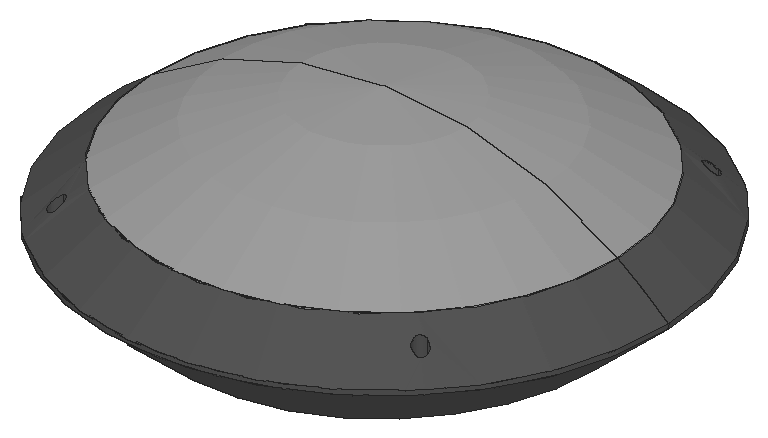
Revit family "0049001+0049032", category Lighting Fixtures, host Face, Revit 2017
Family settings
  Host = Face
  Round Connector Dimension = Use Diameter
  Part Type = Normal
  OmniClass Number = 23.80.70.00
  OmniClass Title = Lighting
  Cut with Voids When Loaded = No
  Light Source = Yes
  Shared = No
  Room Calculation Point = No
Parameters (values of type "0049001 Srt Surface IP66 1500lm 840 WH - 14.5 W")
  WidthCover_SYL = if([300mm_SYL], 27.5 mm, 31.3 mm)  # 31.3 mm
  WidthBottomSlope_SYL = if([300mm_SYL], 39.2 mm, 45.4 mm)  # 45.4 mm
  Weight = "10.0 kg"
  Wattage Comments = ""
  Wattage = 14.5 W
  WarrantyStartDate [instance] = "n/a"
  WarrantyGuarantorParts = "n/a"
  WarrantyDurationUnit = "n/a"
  WarrantyDurationParts = "n/a"
  WarrantyDescription = "n/a"
  built-in parameter 1150110 = 1 (stored number, unit not read)
  Voltage = 230 V
  URL = "http://www.sylvania-lighting.com"
  TypeName = "Start Surface IP66 1500lm 840 IK10 WHT - 14.5 W"
  Type Image = <None>
  Type Comments = "n/a"
  built-in parameter 1114217 = 1 (stored number, unit not read)
  Tilt Angle = -90.00°
  built-in parameter 1150109 = 1 (stored number, unit not read)
  built-in parameter 1150134 = 12
  built-in parameter 1150113 = 1 (stored number, unit not read)
  SerialNumber [instance] = "n/a"
  RadiusTopOffset_SYL = RadiusFront_SYL - 2 mm  # 252 mm
  RadiusEyelid_SYL = 252.4 mm
  PowerFactor = 0
  PowerConsumption = "14.5 W"
  Photometric Web File = "0049001_15W.ies"
  NominalLength = 350 mm
  NominalHeight = 110 mm
  NominalDepth = 350 mm
  Name = "Start Surface IP66 1500lm 840 IK10 WHT - 14.5 W"
  ModelReference = Name  # "Start Surface IP66 1500lm 840 IK10 WHT - 14.5 W"
  ModelNumber = "0049001"
  Model = Name  # "Start Surface IP66 1500lm 840 IK10 WHT - 14.5 W"
  Material = "polycarbonate body, polycaarbonate housing"
  ManufacturerName = "Feilo Sylvania"
  Manufacturer = "Feilo Sylvania"
  LuminousEfficacy = "103.4 lm/W"
  built-in parameter 1150105 = 497.19 (stored number, unit not read)
  Lumens = 1500 lm
  LuminaireType = ""
  built-in parameter 1150115 = 1 (stored number, unit not read)
  LightOutputRatio = "n/a"
  built-in parameter 1150137 = (empty or 0)
  built-in parameter 1150139 = (empty or 0)
  LampsType = Lamp  # "LED"
  LampNominalLuminous = "1500 lm"
  LampMacAdamStep = "n/a"
  LampColourTemperature = "4000 K"
  LampColourRenderingIndex = "80"
  built-in parameter 1150112 = 1 (stored number, unit not read)
  built-in parameter 1150114 = 1 (stored number, unit not read)
  Lamp = "LED"
  Keynote = "16500"
  InstallationDate [instance] = "n/a"
  InputVoltage = "220-240 V AC"
  InputNominalFrequency = "50/60 Hz"
  built-in parameter 1150132 = (empty or 0)
  built-in parameter 1150102 = (empty or 0)
  built-in parameter 1150107 = 4000 (stored number, unit not read)
  built-in parameter 1150138 = (empty or 0)
  IngressProtection = "IP66"
  ImpactProtectionIndex = "IK10"
  built-in parameter 1150106 = 4.9719 (stored number, unit not read)
  IfcExportType = "IfcLightFixtureType"
  IfcExportAs = "IfcLightFixtureType"
  HoleRad_SYL = if([300mm_SYL], 134 mm, 158.3 mm)  # 158.3 mm
  HoleHoleRad_SYL = 4.7 mm
  HoleAngle_SYL = 45.00°
  Height_SYL = if([300mm_SYL], 95 mm, 113 mm)  # 113 mm
  HeightFrontSlope_SYL = if([300mm_SYL], 22 mm, 26 mm)  # 26 mm
  HeightBottomSlope_SYL = if([300mm_SYL], 30 mm, 38 mm)  # 38 mm
  RadiusFront_SYL = if([300mm_SYL], 216.5 mm, 254 mm)  # 254 mm
  Eyelid_SYL = no
  ExpectedLife = 50000
  Emit from Circle Diameter = Diameter_SYL - 2 * WidthCover_SYL  # 287.4 mm
  Emit Shape Visible in Rendering = no
  ElectricShockClassification = "Class II"
  built-in parameter 1150104 = 9.6107 (stored number, unit not read)
  DurationUnit = "hours"
  DocumentationLiterature = "http://www.sylvania-lighting.com/product/en-int/products/0049001"
  DimmingControlOptions = "Non dimmable"
  Material_2_SYL = LED-Sylvania-StartSurfaceIP66
  Dimming Lamp Color Temperature Shift = <None>
  Diameter_SYL = if([300mm_SYL], 300 mm, 350 mm)  # 350 mm
  Description = "LED exterior surface mounted luminaire, 350mm diameter, 1500lm as max. lumen output, can be adjusted down to 730lm by internal switch, 15W power consumption, 100lm/W efficacy, 4000K color temperature, CRI80, non-dimmable, IP66, IK10, 50,000 hours (L70), whitehousing, vandal resistant"
  Default Elevation = 1219.2 mm
  CreatedOn = "7/9/2019"
  CreatedBy = "@sylvania-lighting.com"
  Cost = 0
  Color Filter = 16777215
  built-in parameter 1114216 [instance] = (empty or 0)
  ClassificationValue = "EF_70_80"
  ClassificationName = "Uniclass2015"
  Material_1_SYL = Body-Sylvania-StartSurfaceIP66-Black
  BarCode [instance] = "n/a"
  built-in parameter 1114218 = 1 (stored number, unit not read)
  built-in parameter 1150133 = 10 (stored number, unit not read)
  AssetType = "Fixed"
  AssetIdentifier [instance] = "n/a"
  Assembly Code = "D5020200"
  Apparent Load = 14.5 VA
  Material_3_SYL = none
  300mm_SYL = no
Types (3, lengths in mm): name | Wattage | TypeName | PowerConsumption | Photometric Web File | Name | ModelReference | Model | LuminousEfficacy | built-in parameter 1150105 | Lumens | LampNominalLuminous | built-in parameter 1150106 | Eyelid_SYL | built-in parameter 1150104 | Apparent Load
  0049001 Srt Surface IP66 1500lm 840 WH - 14.5 W | 14.5 W | "Start Surface IP66 1500lm 840 IK10 WHT - 14.5 W" | "14.5 W" | "0049001_15W.ies" | "Start Surface IP66 1500lm 840 IK10 WHT - 14.5 W" | "Start Surface IP66 1500lm 840 IK10 WHT - 14.5 W" | "Start Surface IP66 1500lm 840 IK10 WHT - 14.5 W" | "103.4 lm/W" | 497.19 (stored number, unit not read) | 1500 lm | "1500 lm" | 4.9719 (stored number, unit not read) | no | 9.6107 (stored number, unit not read) | 14.5 VA
  0049001 Srt Surface IP66 1500lm 840 WH - 6.5 W | 6.5 W | "Start Surface IP66 1500lm 840 IK10 WHT - 6.5 W" | "6.5 W" | "0049001_7W.ies" | "Start Surface IP66 1500lm 840 IK10 WHT - 6.5 W" | "Start Surface IP66 1500lm 840 IK10 WHT - 6.5 W" | "Start Surface IP66 1500lm 840 IK10 WHT - 6.5 W" | "112.3 lm/W" | 233.21 (stored number, unit not read) | 730 lm | "730 lm" | 2.3321 (stored number, unit not read) | no | 10.434 (stored number, unit not read) | 6.5 VA
  0049001+0049032 Srt Surface IP66 1500lm 840 WH - 14.5 W + Eyelid | 14.5 W | "Start Surface IP66 1500lm 840 IK10 WHT - 14.5 W" | "14.5 W" | "0049001+0049032.ies" | "Start Surface IP66 1500lm 840 IK10 WHT - 14.5 W" | "Start Surface IP66 1500lm 840 IK10 WHT - 14.5 W" | "Start Surface IP66 1500lm 840 IK10 WHT - 14.5 W" | "103.4 lm/W" | 497.19 (stored number, unit not read) | 1500 lm | "1500 lm" | 4.9719 (stored number, unit not read) | yes | 9.6107 (stored number, unit not read) | 14.5 VA
Reference planes
  plane 1 "Center (Front/Back)": y = 0
  plane 2: z = 0
  plane 3 "Center (Left/Right)": x = 0
  plane 4: x = 175
  plane 5: x = -175
  plane 6: z = 38
  plane 7: x = -129.6
  plane 8: x = 129.6
  plane 9: x = -143.7
  plane 10: z = 41
  plane 11: y = -13
  plane 12: z = 67
  plane 13: z = 113
  plane 14: z = 42.5
  plane 15: x = 3.3
  plane 16: x = -3.3
  plane 17: y = 3.25
  plane 18: y = -3.35
  plane 19: y = 44.25
  plane 20: y = -44.35
  plane 21: y = 50.75
  plane 22: y = -50.85
  plane 23: y = -91.85
  plane 24: y = 91.75
  plane 25: y = 97.75
  plane 26: y = -97.85
Forms (mm)
  Revolve 1, solid, material "Body-Sylvania-StartSurfaceIP66-Black" <- "Material_1_SYL"
    sketch origin (0, 0, 0) x (1, 0, 0) y (0, 0, 1)
      loop
        line (0, 0) -> (0, 41) -> (-143.7, 41) -> (-143.7, 66.348)
        arc (-143.7, 66.348) -> (-159.853, 54.295) -> (-175, 41) r 254
        line (-175, 41) -> (-175, 38) -> (-129.6, 0) -> (0, 0)
      axis (0, 66.348) -> (0, 0)
    angle from 360 to 0
  Extrusion 2, void
    sketch origin (-1524.635, -4572, 41) x (0, -1, 0) y (-1, 0, 0)
      loop
        line (-4367.393, -1349.635) -> (-4559, -1349.635)
        arc (-4559, -1349.635) -> (-4576.647, -1524.635) -> (-4559, -1699.635) r 876.532
        line (-4559, -1699.635) -> (-4367.393, -1699.635) -> (-4367.393, -1349.635)
    from -85.687 to 41
  Extrusion 3, void
    sketch origin (-1534.635, -4572, 67) x (0, -1, 0) y (-1, 0, 0)
      loop
        circle (-4683.935, -1422.7) r 4.7
      loop
        circle (-4683.935, -1646.57) r 4.7
      loop
        circle (-4460.065, -1646.57) r 4.7
      loop
        circle (-4460.065, -1422.7) r 4.7
    from 0.652 to 29
  Revolve 4, solid, material "LED-Sylvania-StartSurfaceIP66" <- "Material_2_SYL"
    sketch origin (0, 0, 0) x (1, 0, 0) y (0, 0, 1)
      loop
        line (-143.7, 66.348) -> (-143.7, 63.918)
        arc (-143.7, 63.918) -> (-75.289, 97.395) -> (0, 108.905) r 252
        line (0, 108.905) -> (0, 110.905)
        arc (0, 110.905) -> (-75.225, 99.51) -> (-143.7, 66.348) r 254
      axis (0, 110.905) -> (0, 63.918)
    angle from 360 to 0
  Revolve 5, solid, material "Body-Sylvania-StartSurfaceIP66-Black" <- "Material_1_SYL", visible <- "Eyelid_SYL"
    sketch origin (0, 0, 0) x (1, 0, 0) y (0, 0, 1)
      loop
        line (-175, 42.5) -> (-175, 41)
        arc (-175, 41) -> (-94.223, 92.782) -> (0, 110.905) r 254
        line (0, 110.905) -> (0, 113.019)
        arc (0, 113.019) -> (-94.337, 94.726) -> (-175, 42.5) r 252.4
      axis (0, 113.019) -> (0, 41)
    angle from 360 to 0
Cuts and joins
  Extrusion 3 cuts Revolve 1
  Extrusion 2, Extrusion 3 cuts Revolve 5
Lines and regions (mm)
  reference lines
    curve 1: circle (0, 0, 0) r 158.3 normal (0, 0, 1)
    curve 2: line (0, 0, 0) -> (-111.935, 111.935, 0)
    curve 3: line (0, 0, 0) -> (111.935, 111.935, 0)
    curve 4: line (0, 0, 0) -> (-111.935, -111.935, 0)
    curve 5: line (0, 0, 0) -> (111.935, -111.935, 0)
    curve 6: arc (-175, 0, 41) -> (-61.42, 0, 103.367) -> (68.144, 0, 101.593) r 254
    curve 7: circle (0, 0, 41) r 158.3 normal (0, 0, 1)
    curve 8: line (111.935, -108.883, 41) -> (111.935, -111.935, 41)
    curve 9: circle (111.935, -111.935, 41) r 4.7 normal (0, 0, 1)
    curve 10: line (111.935, 111.935, 41) -> (111.935, 116.935, 41)
    curve 11: line (-111.935, 111.935, 41) -> (-111.935, 116.935, 41)
    curve 12: line (-111.935, -111.935, 41) -> (-111.935, -116.935, 41)
    curve 13: circle (-111.935, 111.935, 41) r 4.7 normal (0, 0, 1)
    curve 14: circle (111.935, 111.935, 41) r 4.7 normal (0, 0, 1)
    curve 15: circle (-111.935, -111.935, 41) r 4.7 normal (0, 0, 1)
    curve 16: arc (129.6, 0, 73.025) -> (-8.393, 0, 108.765) -> (-143.7, 0, 63.918) r 252
    curve 17: arc (-175, 0, 42.5) -> (0, 0, 113.019) -> (175, 0, 42.5) r 252.4
    curve 18: circle (0, 0, 67) r 145.5 normal (0, 0, 1)
Dimensions and locks
  equal spacing: plane 4, plane 3 "Center (Left/Right)", plane 5
  "Diameter_SYL": plane 4 to plane 5
  equal spacing: plane 8, plane 3 "Center (Left/Right)", plane 7
  "WidthBottomSlope_SYL": plane 7 to plane 5
  locked: plane 10 to plane 6 at 3
  locked: plane 11 to plane 1 "Center (Front/Back)" at 13
  "WidthCover_SYL": plane 9 to plane 5
  locked: plane 1 "Center (Front/Back)" to host face at 300
  "HeightBottomSlope_SYL": plane 6 to plane 2
  "HeightFrontSlope_SYL": plane 12 to plane 10
  "Height_SYL": plane 13 to plane 2
  locked: plane 14 to plane 10 at 1.5
  plane 26 to plane 23 to plane 22 to plane 20 to plane 18 to plane 17 to plane 19 to plane 21 to plane 24 to plane 25 = 6 mm locked, 41 mm locked, 6.5 mm locked, 41 mm locked, 6.6 mm locked, 41 mm locked, 6.5 mm locked, 41 mm locked, 6 mm locked
  locked: plane 1 "Center (Front/Back)" to plane 17 at 3.25
  "HoleRad_SYL": radius of curve 1
  "RadiusFront_SYL": radius of curve 6
  "HoleRad_SYL": radius of curve 7
  "HoleHoleRad_SYL": radius of curve 9
  "HoleHoleRad_SYL": radius of curve 13
  "HoleHoleRad_SYL": radius of curve 14
  "HoleHoleRad_SYL": radius of curve 15
  "RadiusTopOffset_SYL": radius of curve 16
  "RadiusEyelid_SYL": radius of curve 17
  radius of curve 18 = 145.5 mm
  "HoleAngle_SYL": angle curve 2 to plane 1 "Center (Front/Back)"
  "HoleAngle_SYL": angle plane 1 "Center (Front/Back)" to curve 3
  "HoleAngle_SYL": angle plane 1 "Center (Front/Back)" to curve 4
  "HoleAngle_SYL": angle curve 5 to plane 1 "Center (Front/Back)"
  aligned and locked: plane 2 to host face
  aligned and locked: level to host face
  aligned and locked: Revolve 1 sketch curve to plane 3 "Center (Left/Right)"  (x2)
  aligned and locked: level to Revolve 1 sketch curve
  aligned and locked: plane 5 to Revolve 1 sketch curve
  aligned and locked: Revolve 1 sketch curve to plane 10
  aligned and locked: plane 4 to Extrusion 2
  aligned and locked: Extrusion 2 to plane 5
  aligned and locked: plane 3 "Center (Left/Right)" to curve 6
  aligned and locked: Extrusion 2 to level
  aligned and locked: plane 10 to curve 6
  aligned and locked: Revolve 1 sketch curve to curve 6
  aligned and locked: plane 3 "Center (Left/Right)" to curve 7
  aligned and locked: plane 1 "Center (Front/Back)" to curve 7
  aligned and locked: plane 3 "Center (Left/Right)" to curve 5
  aligned and locked: curve 8 to curve 5
  aligned and locked: curve 5 to curve 9
  aligned and locked: curve 8 to curve 9
  aligned and locked: curve 3 to curve 10
  aligned and locked: curve 2 to curve 11
  aligned and locked: curve 4 to curve 12
  aligned and locked: curve 2 to curve 13
  aligned and locked: curve 13 to curve 11
  aligned and locked: curve 4 to curve 15
  aligned and locked: curve 15 to curve 12
  aligned and locked: curve 3 to curve 14
  aligned and locked: curve 14 to curve 10
  aligned and locked: Extrusion 3 sketch curve to curve 13
  aligned and locked: Extrusion 3 sketch curve to curve 14
  aligned and locked: Extrusion 3 sketch curve to curve 9
  aligned and locked: Extrusion 3 sketch curve to curve 15
  aligned and locked: Revolve 1 to Extrusion 3
  aligned and locked: Extrusion 3 to plane 6
  aligned and locked: Revolve 4 sketch curve to plane 3 "Center (Left/Right)"  (x2)
  aligned and locked: plane 9 to curve 16
  aligned and locked: plane 8 to curve 16
  aligned and locked: plane 3 "Center (Left/Right)" to curve 16
  aligned and locked: Revolve 4 sketch curve to curve 6
  aligned and locked: Revolve 4 sketch curve to curve 16
  aligned and locked: Revolve 4 sketch curve to plane 9
  aligned and locked: Extrusion 2 to plane 2
  aligned and locked: plane 4 to curve 17
  aligned and locked: plane 14 to curve 17  (x2)
  aligned and locked: plane 5 to curve 17
  aligned and locked: Revolve 5 sketch curve to curve 17
  aligned and locked: Revolve 5 sketch curve to plane 3 "Center (Left/Right)"  (x2)
  aligned and locked: Revolve 5 sketch curve to plane 5
  aligned and locked: Revolve 5 sketch curve to curve 6
  aligned and locked: plane 13 to imposter light
  aligned and locked: plane 15 to imposter light
  aligned and locked: imposter light to plane 1 "Center (Front/Back)"
Automatic sketch dimensions
  host sketch curve to host sketch curve = 600 mm  (x2)
  plane 1 "Center (Front/Back)" to curve 1 = 0 mm
  curve 1 to plane 3 "Center (Left/Right)" = 0 mm
  plane 1 "Center (Front/Back)" to curve 3 = 0 mm
  plane 5 to Extrusion 2 sketch curve = 0 mm
  plane 4 to Extrusion 2 sketch curve = 0 mm
  plane 11 to Extrusion 2 sketch curve = 191.607 mm
  Extrusion 2 sketch curve to Extrusion 2 sketch curve = 667.277 mm
  plane 11 to Extrusion 2 sketch curve = 0 mm  (x2)
  Revolve 1 sketch curve to plane 7 = 0 mm
  Revolve 1 sketch curve to plane 6 = 0 mm
  Revolve 1 sketch curve to Revolve 1 sketch curve = 486.484 mm
  Revolve 1 sketch curve to plane 9 = 0 mm
  Revolve 1 sketch curve to Revolve 1 sketch curve = 2555.164 mm
  curve 10 to curve 10 = 5 mm
  curve 11 to curve 11 = 5 mm
  curve 8 to curve 8 = 3.052 mm
  curve 15 to curve 12 = 5 mm
  Revolve 4 sketch curve to level = 629.579 mm
  Revolve 4 sketch curve to Revolve 4 sketch curve = 2515.674 mm
  curve 6 to curve 16 = 0 mm
  curve 6 to plane 5 = 0 mm
  curve 6 to plane 13 = 11.407 mm
  Revolve 5 sketch curve to Revolve 5 sketch curve = 466.505 mm
  Revolve 5 sketch curve to Revolve 5 sketch curve = 2496.039 mm
  plane 1 "Center (Front/Back)" to curve 18 = 0 mm
  curve 18 to plane 3 "Center (Left/Right)" = 0 mm
Connectors
  electrical at (0, 0, 0), driven by "Apparent Load", driven by "PowerFactor", driven by "Voltage"
    settings: index 1, voltage 230 V, apparent load 14.5 VA, apparent load phase1 0 VA, apparent load phase2 0 VA, apparent load phase3 0 VA, power factor 0, load classification "Lighting", number of poles 1, system type 30, power factor state 1, is connector primary yes, connector utility no, sub classification motor no, connector description ""
